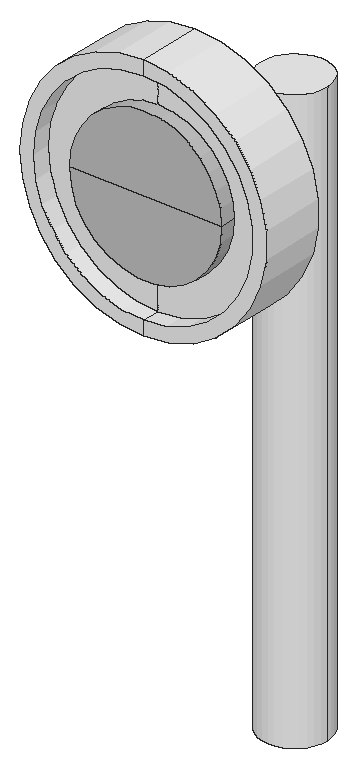
Revit family "Deca_Chuveiro de Parede_AcquaPlus_1990.C.CT", category Plumbing Fixtures, host Face, Revit 2012
Parameters (values of type "1990.C.CT")
  Vendido Separadamente = "Não Aplicável"  # constant formula
  URL = "www.deca.com.br"
  Segmento = "Luxo"  # constant formula
  Raio Ponto de Agua = 7.5 mm  # constant formula
  Produto = "Chuveiro AquaPlus com tubo luxo"  # constant formula
  Pressão = "2 a 40 mca"  # constant formula
  Peso Liquido (Kg) = 1.392
  Norma = "NBR 15206"  # constant formula
  Model = Código  # "1990.C.CT"
  Material = "Metal"  # constant formula
  Manufacturer = Fabricante  # "Deca"
  Louça/Metais = "Metais"  # constant formula
  Linha = "AquaPlus"  # constant formula
  Informações Complementares = "Tubo parede / Pode ser usado com restritores de vazão de 8 (4266.061) 14 (4266.062) ou 16 (4266.059) litros por minuto"  # constant formula
  HWFU = 0
  Flow Pressure = 0.00 psi
  Fabricante = "Deca"  # constant formula
  Diâmetro Ponto de Agua = Raio Ponto de Agua * 2  # 15 mm
  Detalhes = Deca CZ87 Cinza Real Poliéster
  Descrição = "Chuveiro"  # constant formula
  Description = Descrição  # "Chuveiro"
  Default Elevation = 2100 mm
  Código = "1990.C.CT"  # constant formula
  Criador por = "Contino/quattroD"  # constant formula
  Consumo = "Varia com a pressão (consultar catálogo)"  # constant formula
  Chuveiro = Deca CR10 Cromado Metal
  Atendimento ao Cliente = "0800-011-7073 "  # constant formula
  Assembly Code = ""
  Aprovado por = "Contino/quattroD"  # constant formula
  Acompanha o Produto = "Não Aplicável"  # constant formula
Reference planes
  plane 1 "Center (Front/Back)": y = 0
  plane 2: z = 0
  plane 3 "Center (Left/Right)": x = 0
  plane 4 "Front 3": z = 342
  plane 5 "Front 1": z = 218
  plane 6 "Right 1": x = 62.366
  plane 7 "Left 1": x = -61.634
  plane 8 "Bottom 2": y = -98
  plane 9 "Top 1": y = 27
  plane 10: z = 0
  plane 11 "Bottom 1": y = -27
  plane 12 "Front 2": z = 280
Forms (mm)
  Revolve 1, solid, material "Deca CR10 Cromado Metal" <- "Chuveiro"
    sketch origin (0.38, -2099.62, -76.2) x (0, 0, 1) y (0, 1, 0)
      loop
        line (356.2, 2076.489) -> (356.2, 2013.814) -> (411.2, 2013.814) -> (411.2, 2004.901) -> (418.2, 2004.901) -> (418.2, 2037.151) -> (369.677, 2053.859) -> (369.677, 2076.489) -> (356.2, 2076.489)
      axis (356.2, 2076.489) -> (356.2, 2004.901)
    angle from 0 to 360
  Revolve 2, solid, material "Deca CZ87 Cinza Real Poliéster" <- "Detalhes"
    sketch origin (1512.262, -2099.62, 280) x (1, 0, 0) y (0, 1, 0)
      loop
        line (-1511.881, 2013.814) -> (-1550.114, 2013.814) -> (-1550.114, 2006.333) -> (-1511.881, 2006.333) -> (-1511.881, 2013.814)
      axis (-1511.881, 2013.814) -> (-1511.881, 2006.333)
    angle from 0 to 360
  Revolve 3, solid, material "Deca CR10 Cromado Metal" <- "Chuveiro"
    sketch origin (0.38, -2099.62, -76.2) x (0, 0, 1) y (0, 1, 0)
      loop
        line (362.829, 2074.012) -> (360.757, 2085.766)
        arc (360.757, 2085.766) -> (360.924, 2086.296) -> (361.365, 2086.634) r 0.924
        line (361.365, 2086.634) -> (356.2, 2085.723) -> (358.403, 2073.231) -> (362.829, 2074.012)
      axis (356.2, 2085.723) -> (358.403, 2073.231)
    angle from 0 to 360
  Extrusion 4, solid, material "Deca CR10 Cromado Metal" <- "Chuveiro"
    sketch origin (1511.943, -2099.62, 0) x (1, 0, 0) y (0, 1, 0)
      loop
        circle (-1511.881, 2100) r 16.482
    from 0 to 293.649
Lines and regions (mm)
  Masking region 1
    outline origin (0, 0, 0) x (0, 1, 0) y (0, 0, 1)
      loop
        arc (17, 287.022) -> (16.353, 288.227) -> (15.148, 288.874) r 2.373
        line (15.148, 288.874) -> (-10.141, 293.333)
        arc (-10.141, 293.333) -> (-10.933, 293.25) -> (-11.628, 292.86) r 1.974
        line (-11.628, 292.86) -> (-12.962, 285.295)
        arc (-12.962, 285.295) -> (-13.286, 284.766) -> (-13.871, 284.559) r 0.929
        line (-13.871, 284.559) -> (-21.208, 285.853)
        arc (-21.208, 285.853) -> (-22.023, 287.949) -> (-23.131, 289.905) r 15.56
        line (-23.131, 289.905) -> (-23.131, 293.477) -> (-29.349, 293.477) -> (-29.349, 294.866) -> (-43.552, 294.866) -> (-43.552, 293.477) -> (-45.761, 293.477) -> (-61.084, 337.977)
        arc (-61.084, 337.977) -> (-62.824, 340.584) -> (-65.622, 342) r 6.17
        line (-65.622, 342) -> (-74.719, 342) -> (-74.719, 340.423) -> (-76.458, 340.423) -> (-76.458, 342) -> (-90.588, 342)
        arc (-90.588, 342) -> (-93.556, 340.771) -> (-94.785, 337.802) r 4.198
        line (-94.785, 337.802) -> (-94.785, 299.629) -> (-96.899, 298.862)
        arc (-96.899, 298.862) -> (-97.666, 298.295) -> (-98, 297.401) r 1.677
        line (-98, 297.401) -> (-98, 262.599)
        arc (-98, 262.599) -> (-97.666, 261.705) -> (-96.899, 261.138) r 1.677
        line (-96.899, 261.138) -> (-94.785, 260.371) -> (-94.785, 222.198)
        arc (-94.785, 222.198) -> (-93.556, 219.229) -> (-90.588, 218) r 4.198
        line (-90.588, 218) -> (-76.458, 218) -> (-76.458, 219.577) -> (-74.719, 219.577) -> (-74.719, 218) -> (-65.622, 218)
        arc (-65.622, 218) -> (-62.824, 219.416) -> (-61.084, 222.023) r 6.17
        line (-61.084, 222.023) -> (-45.761, 266.523) -> (-43.552, 266.523) -> (-43.552, 265.134) -> (-29.349, 265.134) -> (-29.349, 266.523) -> (-23.131, 266.523) -> (-23.131, 272.653)
        arc (-23.131, 272.653) -> (-22.022, 274.613) -> (-21.207, 276.712) r 15.56
        line (-21.207, 276.712) -> (-15.495, 275.705)
        arc (-15.495, 275.705) -> (-14.96, 275.364) -> (-14.822, 274.744) r 0.83
        line (-14.822, 274.744) -> (-16.102, 267.489) -> (-16.102, 25.082) -> (-18.467, 25.082) -> (-18.467, 10) -> (-27.067, 10) -> (-27.067, 0) -> (27.067, 0) -> (27.067, 10) -> (18.467, 10) -> (18.467, 25.082) -> (17, 25.082) -> (17, 287.022)
  Masking region 2
    outline origin (0, 0, 0) x (1, 0, 0) y (0, 1, 0)
      loop
        line (-13.097, -23.51) -> (-13.097, -29.349) -> (-14.486, -29.349) -> (-14.486, -43.552) -> (-13.097, -43.552) -> (-13.097, -45.761) -> (-58.51, -61.398)
        arc (-58.51, -61.398) -> (-60.75, -63.056) -> (-61.634, -65.698) r 4.633
        line (-61.634, -65.698) -> (-61.634, -91.226)
        arc (-61.634, -91.226) -> (-60.598, -93.726) -> (-58.098, -94.762) r 3.536
        line (-58.098, -94.762) -> (-19.058, -94.762) -> (-18.257, -97.089)
        arc (-18.257, -97.089) -> (-17.809, -97.717) -> (-17.09, -98) r 1.359
        line (-17.09, -98) -> (17.09, -98)
        arc (17.09, -98) -> (17.809, -97.717) -> (18.257, -97.089) r 1.359
        line (18.257, -97.089) -> (19.058, -94.762) -> (58.098, -94.762)
        arc (58.098, -94.762) -> (61.063, -93.997) -> (62.366, -91.226) r 3.598
        line (62.366, -91.226) -> (62.366, -65.698)
        arc (62.366, -65.698) -> (61.361, -62.925) -> (58.976, -61.19) r 5.037
        line (58.976, -61.19) -> (13.839, -45.649) -> (13.839, -43.552) -> (15.228, -43.552) -> (15.228, -29.349) -> (13.205, -29.349) -> (13.205, -23.518)
        arc (13.205, -23.518) -> (0.07, 27.067) -> (-13.097, -23.51) r 27
  Masking region 3
    outline origin (0, 0, 0) x (1, 0, 0) y (0, 0, 1)
      loop
        line (-26.939, 0) -> (26.939, 0) -> (26.939, 10) -> (18.026, 10) -> (18.026, 25) -> (16.42, 25) -> (16.42, 220.32)
        arc (16.42, 220.32) -> (61.063, 288.292) -> (0, 341.999) r 62
        arc (0, 341.999) -> (-61.063, 288.292) -> (-16.42, 220.32) r 62
        line (-16.42, 220.32) -> (-16.42, 25) -> (-18.026, 25) -> (-18.026, 10) -> (-26.939, 10) -> (-26.939, 0)
  symbolic lines
    curve 1: line (23.808, 0, 0) -> (23.808, 0, 10)
    curve 2: line (-18.026, 0, 10) -> (-18.026, 0, 25)
    curve 3: line (16.42, 0, 293.649) -> (-16.42, 0, 293.649)
    curve 4: arc (16.42, 0, 221.456) -> (0, 0, 340.804) -> (-16.42, 0, 221.456) r 60.804
    curve 5: line (-18.026, 0, 25) -> (18.149, 0, 25)
    curve 6: line (-18.026, 0, 10) -> (-18.026, 0, 25)
    curve 7: line (18.149, 0, 10) -> (-18.026, 0, 10)
    curve 8: line (18.149, 0, 25) -> (18.149, 0, 10)
    curve 9: line (23.808, 0, 10) -> (-23.685, 0, 10)
    curve 10: line (23.808, 0, 0) -> (23.808, 0, 10)
    curve 11: line (-23.685, 0, 0) -> (23.808, 0, 0)
    curve 12: line (-23.685, 0, 10) -> (-23.685, 0, 0)
    curve 13: line (0, -76.458, 340.423) -> (0, -76.458, 219.577)
    curve 14: line (0, -74.719, 219.577) -> (0, -74.719, 340.423)
    curve 15: line (0, -65.622, 342) -> (0, -65.622, 218)
    curve 16: line (0, -45.761, 293.477) -> (0, -45.761, 266.523)
    curve 17: line (0, -43.552, 266.523) -> (0, -43.552, 293.477)
    curve 18: line (0, -29.349, 293.477) -> (0, -29.349, 266.523)
    curve 19: arc (0, -21.244, 285.859) -> (0, -20.551, 281.288) -> (0, -21.2, 276.711) r 15.936
    curve 20: line (0.38, -76.458, 0) -> (-61.62, -76.458, 0)
    curve 21: line (0.38, -74.719, 0) -> (-61.62, -74.719, 0)
    curve 22: line (62.38, -76.458, 0) -> (0.38, -76.458, 0)
    curve 23: line (62.38, -74.719, 0) -> (0.38, -74.719, 0)
    curve 24: line (-59.711, -65.622, 0) -> (60.289, -65.622, 0)
    curve 25: line (-13.097, -45.761, 0) -> (13.858, -45.761, 0)
    curve 26: line (-13.097, -43.552, 0) -> (13.839, -43.552, 0)
    curve 27: line (-13.097, -29.349, 0) -> (13.839, -29.349, 0)
    curve 28: line (-13.08, -23.486, 0) -> (13.261, -23.486, 0)
    curve 29: arc (4.835, -17.066, 0) -> (-0.239, 18.465, 0) -> (-4.132, -17.215, 0) r 18.087
    curve 30: arc (4.835, -15.395, 0) -> (-0.241, 16.858, 0) -> (-4.132, -15.56, 0) r 16.482
    curve 31: arc (-8.605, -23.486, 0) -> (-6.461, -22.176, 0) -> (-4.132, -21.232, 0) r 15.372
    curve 32: line (-4.132, -22.242, 0) -> (-4.132, -14.659, 0)
    curve 33: spline (0.38, -21.485, 0) -> (-0.206, -21.492, 0) -> (-0.783, -21.511, 0) -> (-1.34, -21.544, 0) -> (-1.867, -21.589, 0) -> (-2.356, -21.646, 0) -> (-2.798, -21.713, 0) -> (-3.186, -21.79, 0) -> (-3.512, -21.875, 0) -> (-3.772, -21.967, 0) -> (-3.961, -22.063, 0) -> (-4.076, -22.163, 0) -> (-4.115, -22.265, 0)
    curve 34: spline (4.835, -22.161, 0) -> (4.731, -22.069, 0) -> (4.565, -21.98, 0) -> (4.339, -21.896, 0) -> (4.057, -21.816, 0) -> (3.721, -21.743, 0) -> (3.338, -21.678, 0) -> (2.913, -21.621, 0) -> (2.451, -21.573, 0) -> (1.96, -21.535, 0) -> (1.446, -21.507, 0) -> (0.917, -21.49, 0) -> (0.38, -21.485, 0)
    curve 35: spline (0.38, -13.855, 0) -> (-0.206, -13.861, 0) -> (-0.783, -13.881, 0) -> (-1.34, -13.914, 0) -> (-1.867, -13.959, 0) -> (-2.356, -14.016, 0) -> (-2.798, -14.083, 0) -> (-3.186, -14.16, 0) -> (-3.512, -14.245, 0) -> (-3.772, -14.336, 0) -> (-3.961, -14.433, 0) -> (-4.076, -14.533, 0) -> (-4.115, -14.635, 0)
    curve 36: spline (4.835, -14.739, 0) -> (4.875, -14.629, 0) -> (4.825, -14.518, 0) -> (4.685, -14.41, 0) -> (4.458, -14.307, 0) -> (4.149, -14.21, 0) -> (3.765, -14.121, 0) -> (3.312, -14.043, 0) -> (2.8, -13.977, 0) -> (2.239, -13.924, 0) -> (1.64, -13.886, 0) -> (1.017, -13.862, 0) -> (0.38, -13.855, 0)
    curve 37: arc (4.835, -21.168, 0) -> (7.275, -22.127, 0) -> (9.518, -23.486, 0) r 15.372
    curve 38: line (4.835, -22.161, 0) -> (4.835, -14.739, 0)
    curve 39: line (16.42, 0, 221.456) -> (16.42, 0, 293.649)
    curve 40: line (-16.42, 0, 221.456) -> (-16.42, 0, 293.649)
    curve 41: line (16.42, 0, 25) -> (-16.42, 0, 25)
    curve 42: line (18.149, 0, 10) -> (-18.026, 0, 10)
    curve 43: line (-19.058, -94.762, 0) -> (19.058, -94.762, 0)
    curve 44: line (0, 16.861, 25) -> (0, -16.102, 25)
    curve 45: line (0, 18.155, 10) -> (0, -18.467, 10)
    curve 46: line (0, -14.822, 274.744) -> (0, -12.962, 285.295)
    curve 47: line (0, -94.815, 299.471) -> (0, -94.815, 260.529)
Dimensions and locks
  plane 6 "Right 1" to plane 7 "Left 1" = 124 mm
  plane 4 "Front 3" to host face = 342 mm
  plane 7 "Left 1" to plane 6 "Right 1" = 124 mm
  plane 9 "Top 1" to plane 8 "Bottom 2" = 125 mm
  plane 8 "Bottom 2" to plane 9 "Top 1" = 125 mm
  host face to plane 4 "Front 3" = 342 mm
  aligned and locked: plane 2 to host face
  aligned and locked: level to host face
Connectors
  piping at (0.061, 0.38, 0), driven by "Raio Ponto de Agua", driven by "Flow Pressure"
    settings: on Extrusion 4, index 1, connector radius 0.29528", flow factor 0, pipe flow 0 GPM, pressure drop 0.00 psi, fitting loss kfactor 0, connector angle 0.00°, fixture units 0, engagement length 0 mm, flow configuration 3, flow direction 1, fitting loss method 4, system type 29, joint type 0, gender type 0, connector reference index -1, connector utility 0, adjustable connector no, is connector primary yes, fitting loss table "", connector description ""
